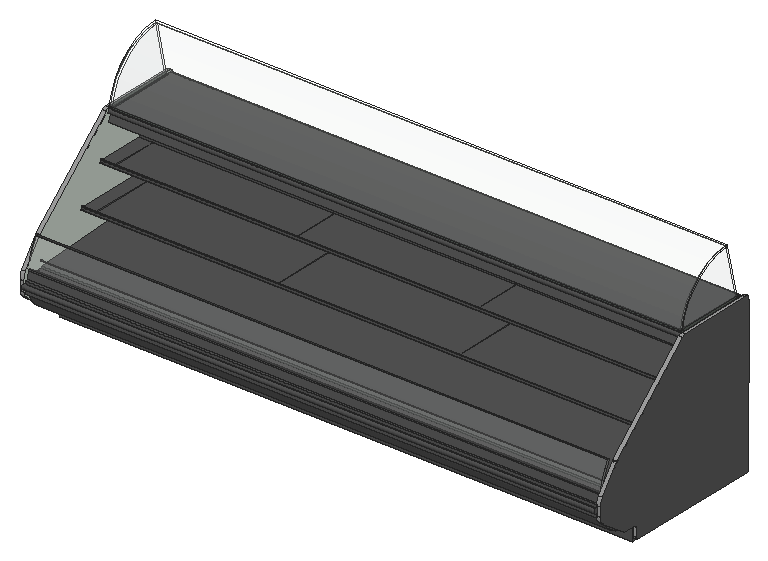
Revit family "E2SP_2014", category Specialty Equipment, Revit 2014
Parameters (values of type "12'-0" Length")
  Width = 144 3/8"
  Waste Drain Location = if(Width = 48 1/8", 24", if(Width = 72 1/8", 48 1/16", if(Width = 96 1/4", 71 7/8", if(Width = 144 3/8", 72 1/4", 0"))))  # 72 1/4"
  Waste Drain = 1 1/2"  # constant formula
  URL = "www.hussmann.com"
  Type Comments = "Elite"  # constant formula
  Trim = Stainless Steel
  Total Weight = Case Weight + (2 * End Weight)  # 1220.00 lbf
  Splashguard = Textured Sheet Metal (Steel Painted) - 701 Black
  Side Panel - Right [instance] = yes
  Side Panel - Left [instance] = yes
  Shelves = Sheet Metal (Steel Painted) - 701 Black
  Shelf Lights [instance] = yes
  Shelf [instance] = yes
  Revit Family Date = "05/26/2016"  # constant formula
  Refrigeration Lines Suction = 7/8"  # constant formula
  Refrigeration Lines Liquid = 3/8"  # constant formula
  Refrig. Suction = "Suction"
  Refrig. Liquid = "Liquid"
  Number of Supports = if(Width < 50", 2, if(Width < 100", 3, 4))  # 4
  Number of Shelves = 2  # constant formula
  Note from Manufacturer = "This model only comes in 4'-0\", 6'-0\", 8'-0\", and 12'-0\" lengths."
  Model URL = "http://www.hussmann.com/en/product%20viewer/display-cases/E2SP"
  Model = "E2SP"  # constant formula
  Manufacturer Disclaimer = "The information in this file is not intended to be an exact representation of the corresponding Hussmann product.  Further, we reserve the right to change or revise specifications and product design in connection with any feature of our products. Such changes do not entitle the buyer to corresponding changes, improvements, additions, or replacements for equipment previously sold or shipped."  # constant formula
  Manufacturer = "Hussmann Corporation"  # constant formula
  Height = 57 7/8"  # constant formula
  Glazing = Glass
  Ends = Textured Sheet Metal (Steel Painted) - 701 Black
  End Weight = 50.00 lbf  # constant formula
  Door Frame = Plastic - 701 Black
  Description = "Self-Service Multi-Deck Display With Prep Top"  # constant formula
  Depth = 47"  # constant formula
  Cutsheet URL = "http://www.hussmann.com/en/Technical%20Documents/0520246_B_E2SP.pdf"
  Case Weight = if(Width = 48 1/8", 380.00 lbf, if(Width = 72 1/8", 560.00 lbf, if(Width = 96 1/4", 750.00 lbf, if(Width = 144 3/8", 1120.00 lbf, 0.00 lbf))))  # 1120.00 lbf
  Case Interior - Side Panel = Mirror
  Case Interior - Back Panel = Sheet Metal (Steel Painted) - 701 Black
  Case = Textured Sheet Metal (Steel Painted) - 701 Black
  Bumper = Extruded PVC - 701 Black
  Assembly Code = ""
  Accessories/Options = ""
Types (4): name | Width | Waste Drain Location | Total Weight | Number of Supports | Case Weight
  12'-0" Length | 144 3/8" | 72 1/4" | 1220.00 lbf | 4 | 1120.00 lbf
  8'-0" Length | 96 1/4" | 71 7/8" | 850.00 lbf | 3 | 750.00 lbf
  6'-0" Length | 72 1/8" | 48 1/16" | 660.00 lbf | 3 | 560.00 lbf
  4'-0" Length | 48 1/8" | 24" | 480.00 lbf | 2 | 380.00 lbf
Reference planes (in)
  plane 1 "Back": y = 0
  plane 2 "Bottom": z = 0
  plane 3 "Left": x = -77.30699
  plane 4 "Center (Left/Right)": x = -5.11949
  plane 5: x = -78.30699
  plane 6 "Right": x = 67.06801
  plane 7: x = 68.06801
  plane 8 "Top": z = 57.875
  plane 9: y = -47
  plane 10: z = 22
  plane 11: z = 30
Forms (in)
  Extrusion 1, solid, material "Metal - Copper"
    sketch origin (63.0625, 1.04319, 0) x (1, 0, 0) y (0, 1, 0)
      loop
        arc (-68.11949, -27.91819) -> (-68.64982, -28.13786) -> (-68.86949, -28.66819) r 0.75
        arc (-68.86949, -28.66819) -> (-68.64982, -29.19852) -> (-68.11949, -29.41819) r 0.75
        arc (-68.11949, -29.41819) -> (-67.58916, -29.19852) -> (-67.36949, -28.66819) r 0.75
        arc (-67.36949, -28.66819) -> (-67.58916, -28.13786) -> (-68.11949, -27.91819) r 0.75
      loop
        circle (-68.11949, -28.66819) r 0.7102
    from 5.423 to 2.937
  Extrusion 2, solid, material "Metal - Copper"
    sketch origin (57.40105, 5, -0.375) x (1, 0, 0) y (0, 1, 0)
      loop
        circle (0.85446, -35.75) r 0.41359
      loop
        circle (0.85446, -35.75) r 0.4375
    from 5.798 to 3.312
  Extrusion 3, solid, material "Metal - Copper"
    sketch origin (59.82608, 5, -0.375) x (1, 0, 0) y (0, 1, 0)
      loop
        circle (-0.94557, -35.75) r 0.17188
      loop
        circle (-0.94557, -35.75) r 0.1875
    from 5.798 to 3.312
  Extrusion 4, solid, material "Sheet Metal (Steel Painted) - 701 Black" <- "Shelves"
    sketch origin (-5.11949, 0, 0) x (0, 1, 0) y (0, 0, 1)
      loop
        line (-40.48772, 14.30775) -> (-40.44502, 13.49177) -> (-9.58923, 15.10631) -> (-9.63193, 15.92229) -> (-40.48772, 14.30775)
    from 72.1875 to -72.1875
  Extrusion 5, solid, material "Glass" <- "Glazing"
    sketch origin (-5.11949, 0, 0) x (0, 1, 0) y (0, 0, 1)
      loop
        line (-40.82761, 13.19641) -> (-40.57761, 13.19641) -> (-40.57761, 15.57141)
        arc (-40.57761, 15.57141) -> (-40.70261, 15.69641) -> (-40.82761, 15.57141) r 0.125
        line (-40.82761, 15.57141) -> (-40.82761, 13.19641)
      loop
        line (-44.4716, 13.072) -> (-44.15521, 14.86632)
        arc (-44.15521, 14.86632) -> (-43.23305, 18.35864) -> (-41.74236, 21.64869) r 21.62056
        arc (-41.74236, 21.64869) -> (-41.8335, 21.97009) -> (-42.15489, 21.87894) r 0.23622
        arc (-42.15489, 21.87894) -> (-43.67816, 18.51699) -> (-44.62047, 14.94836) r 22.093
        line (-44.62047, 14.94836) -> (-44.93686, 13.15404) -> (-44.4716, 13.072)
    from 72.1875 to -72.1875
  Extrusion 6, solid, material "Extruded PVC - 701 Black" <- "Bumper"
    sketch origin (-5.11949, 0, 0) x (0, 1, 0) y (0, 0, 1)
      loop
        arc (-45.9466, 12.5539) -> (-46.5001, 12.0004) -> (-45.9466, 11.4469) r 0.5535
        line (-45.9466, 11.4469) -> (-45.6381, 11.4469) -> (-45.6381, 12.5539) -> (-45.9466, 12.5539)
    from 72.1875 to -72.1875
  Extrusion 7, solid, material "Textured Sheet Metal (Steel Painted) - 701 Black" <- "Case"
    sketch origin (-5.11949, 0, 0) x (0, 1, 0) y (0, 0, 1)
      loop
        line (-44.99291, 13.208) -> (-45.6381, 13.208) -> (-45.6381, 10.214) -> (-44.69933, 10.214)
        arc (-44.69933, 10.214) -> (-41.71484, 5.93149) -> (-36.76113, 4.28594) r 8.279
        line (-36.76113, 4.28594) -> (-36.48213, 4.28594) -> (-36.48213, 4.35114) -> (-36.00615, 4.35114) -> (-36.00615, 4.38614) -> (-36.3801, 4.38614) -> (-36.3801, 4.853) -> (-33.8771, 4.853) -> (-33.8771, 5.325) -> (-33.3771, 5.325) -> (-33.3771, 5.423) -> (-10.19583, 5.423) -> (-3.25, 9.43077) -> (-3.25, 29.392) -> (0, 29.392) -> (0, 39.401) -> (-18.72518, 39.401) -> (-19.40922, 37.52161) -> (-18.93937, 37.3506) -> (-18.91504, 37.41746) -> (-19.22348, 37.79836) -> (-17.84016, 38.91855) -> (-16.57806, 37.35998) -> (-16.49391, 37.42812) -> (-16.21827, 37.08773) -> (-16.18607, 37.11381) -> (-14.91905, 35.33004) -> (-14.99512, 35.26712) -> (-14.79581, 35.02616) -> (-9.5773, 35.02616) -> (-9.5773, 11.27) -> (-38.95061, 11.27) -> (-38.95061, 12.39941) -> (-38.75145, 12.39941) -> (-38.75145, 13.19641) -> (-40.82761, 13.19641) -> (-40.82761, 13.96241) -> (-42.13687, 13.96241) -> (-42.13687, 14.02541) -> (-44.1014, 15.15963)
        arc (-44.1014, 15.15963) -> (-44.12881, 15.01307) -> (-44.15521, 14.86632) r 21.62056
        line (-44.15521, 14.86632) -> (-44.4716, 13.072) -> (-44.93686, 13.15404) -> (-44.62047, 14.94836)
        arc (-44.62047, 14.94836) -> (-44.58429, 15.14822) -> (-44.54626, 15.34774) r 22.093
        line (-44.54626, 15.34774) -> (-44.60417, 15.35905)
        arc (-44.60417, 15.35905) -> (-44.64229, 15.159) -> (-44.67858, 14.95861) r 22.152
        line (-44.67858, 14.95861) -> (-44.98726, 13.208)
    from 72.1875 to -72.1875
  Extrusion 8, solid, material "Textured Sheet Metal (Steel Painted) - 701 Black" <- "Splashguard"
    sketch origin (-5.11949, 0, 0) x (0, 1, 0) y (0, 0, 1)
      loop
        line (-34.5001, 0.071) -> (-34.2961, 0.071) -> (-34.2961, 0.024) -> (-28.3751, 0.024) -> (-28.3751, 2.008) -> (-28.8941, 2.008) -> (-28.8941, 0.571) -> (-33.7491, 0.571) -> (-33.7491, 0.506) -> (-33.7901, 0.506) -> (-33.7901, 0.106) -> (-34.0651, 0.106) -> (-34.0651, 4.161) -> (-33.7901, 4.161) -> (-33.7901, 3.761) -> (-33.7551, 3.761) -> (-33.7551, 4.196) -> (-34.2251, 4.196) -> (-34.2251, 4.752)
        arc (-34.2251, 4.752) -> (-34.25468, 4.82342) -> (-34.3261, 4.854) r 0.101
        line (-34.3261, 4.854) -> (-34.8811, 4.854) -> (-34.8811, 4.782) -> (-34.3261, 4.782)
        arc (-34.3261, 4.782) -> (-34.30489, 4.77321) -> (-34.2961, 4.752) r 0.03
        line (-34.2961, 4.752) -> (-34.2961, 4.196) -> (-34.5001, 4.196) -> (-34.5001, 0.071)
    from 72.1875 to -72.1875
  Extrusion 9, solid, material "Stainless Steel"
    sketch origin (-5.11949, 0, 0) x (0, 1, 0) y (0, 0, 1)
      loop
        line (-7.5801, 2.166) -> (-7.5801, 2.102) -> (-6.7501, 2.102) -> (-6.7501, 0) -> (-4.3751, 0) -> (-4.3751, 2.102) -> (-3.4381, 2.102) -> (-3.4381, 2.166) -> (-4.4461, 2.166) -> (-4.4461, 0.071) -> (-6.6791, 0.071) -> (-6.6791, 2.166) -> (-7.5801, 2.166)
      loop
        line (-29.2221, 2.166) -> (-29.2221, 2.102) -> (-28.3751, 2.102) -> (-28.3751, 0) -> (-26.0001, 0) -> (-26.0001, 2.102) -> (-25.0801, 2.102) -> (-25.0801, 2.166) -> (-26.0711, 2.166) -> (-26.0711, 0.071) -> (-28.3041, 0.071) -> (-28.3041, 2.166) -> (-29.2221, 2.166)
    from 72.1875 to -72.1875
  Extrusion 10, solid, material "Textured Sheet Metal (Steel Painted) - 701 Black" <- "Ends", visible <- "Side Panel - Left"
    sketch origin (-77.30699, 0, 0) x (0, 1, 0) y (0, 0, 1)
      loop
        line (-33.91139, 0.751) -> (0.2987, 0.751)
        arc (0.2987, 0.751) -> (0.65226, 0.89745) -> (0.7987, 1.251) r 0.5
        line (0.7987, 1.251) -> (0.7987, 1.75092) -> (0.7987, 39.52908) -> (0.7987, 40.029)
        arc (0.7987, 40.029) -> (0.65226, 40.38255) -> (0.2987, 40.529) r 0.5
        line (0.2987, 40.529) -> (-18.7683, 40.529)
        arc (-18.7683, 40.529) -> (-19.35866, 40.41908) -> (-19.8699, 40.10406) r 1.64036
        line (-19.8699, 40.10406) -> (-40.74717, 21.18188)
        arc (-40.74717, 21.18188) -> (-40.78473, 21.144) -> (-40.81804, 21.10232) r 0.5
        line (-40.81804, 21.10232) -> (-45.12824, 15.07716)
        arc (-45.12824, 15.07716) -> (-45.59692, 14.14464) -> (-45.7583, 13.11351) r 3.375
        line (-45.7583, 13.11351) -> (-45.7583, 10.68066)
        arc (-45.7583, 10.68066) -> (-45.49502, 9.59381) -> (-44.76358, 8.74793) r 2.375
        line (-44.76358, 8.74793) -> (-38.38853, 4.19511)
        arc (-38.38853, 4.19511) -> (-38.25052, 4.12585) -> (-38.09795, 4.102) r 0.5
        line (-38.09795, 4.102) -> (-34.9113, 4.102)
        arc (-34.9113, 4.102) -> (-34.56114, 3.95892) -> (-34.41139, 3.61156) r 0.5
        line (-34.41139, 3.61156) -> (-34.41139, 1.251)
        arc (-34.41139, 1.251) -> (-34.26494, 0.89745) -> (-33.91139, 0.751) r 0.5
    from 0 to -1
  Extrusion 11, solid, material "Sheet Metal (Steel Painted) - 701 Black" <- "Shelves"
    sketch origin (-5.11949, 0, 0) x (0, 1, 0) y (0, 0, 1)
      loop
        arc (-19, 40.401) -> (-19.5, 39.901) -> (-19, 39.401) r 0.5
        line (-19, 39.401) -> (0, 39.401)
        arc (0, 39.401) -> (0.5, 39.901) -> (0, 40.401) r 0.5
        line (0, 40.401) -> (-19, 40.401)
    from 72.1875 to -72.1875
  Extrusion 12, solid, material "Plastic - 701 Black" <- "Door Frame"
    sketch origin (-5.11949, 0, 0) x (0, 1, 0) y (0, 0, 1)
      loop
        line (-18.969, 40.436) -> (-18.969, 40.936) -> (-19.004, 40.936) -> (-19.004, 40.451)
        arc (-19.004, 40.451) -> (-18.98936, 40.41564) -> (-18.954, 40.401) r 0.05
        line (-18.954, 40.401) -> (-18.484, 40.401)
        arc (-18.484, 40.401) -> (-18.44864, 40.41564) -> (-18.434, 40.451) r 0.05
        line (-18.434, 40.451) -> (-18.434, 40.556) -> (-18.469, 40.556) -> (-18.469, 40.436) -> (-18.969, 40.436)
    from 72.1875 to -72.1875
  Extrusion 13, solid, material "Glass" <- "Glazing"
    sketch origin (-5.11949, 0, 0) x (0, 1, 0) y (0, 0, 1)
      loop
        arc (-4.314, 53.86592) -> (-14.14888, 49.97183) -> (-18.96872, 40.556) r 15
        line (-18.96872, 40.556) -> (-18.4936, 40.556)
        arc (-18.4936, 40.556) -> (-13.81466, 49.63775) -> (-4.314, 53.39385) r 14.528
        line (-4.314, 53.39385) -> (-4.314, 53.86592)
    from 72.1875 to -72.1875
  Extrusion 14, solid, material "Plastic - 701 Black" <- "Door Frame"
    sketch origin (-58.30299, -20.87436, 0) x (1, 0, 0) y (0, 0, 1)
      loop
        line (-18.969, 40.436) -> (-18.969, 40.936) -> (-19.004, 40.936) -> (-19.004, 40.451)
        arc (-19.004, 40.451) -> (-18.98936, 40.41564) -> (-18.954, 40.401) r 0.05
        line (-18.954, 40.401) -> (-18.484, 40.401)
        arc (-18.484, 40.401) -> (-18.44864, 40.41564) -> (-18.434, 40.451) r 0.05
        line (-18.434, 40.451) -> (-18.434, 40.556) -> (-18.469, 40.556) -> (-18.469, 40.436) -> (-18.969, 40.436)
    from -2.47836 to -19.57436
  Extrusion 15, solid, material "Plastic - 701 Black" <- "Door Frame"
    sketch origin (-48.18599, -20.87436, 0) x (-1, 0, 0) y (0, 0, -1)
      loop
        line (-115.219, -40.436) -> (-114.719, -40.436) -> (-114.719, -40.556) -> (-114.684, -40.556) -> (-114.684, -40.451)
        arc (-114.684, -40.451) -> (-114.69864, -40.41564) -> (-114.734, -40.401) r 0.05
        line (-114.734, -40.401) -> (-115.204, -40.401)
        arc (-115.204, -40.401) -> (-115.23936, -40.41564) -> (-115.254, -40.451) r 0.05
        line (-115.254, -40.451) -> (-115.254, -40.936) -> (-115.219, -40.936) -> (-115.219, -40.436)
    from -2.47836 to -19.57436
  Extrusion 16, solid, material "Glass" <- "Glazing"
    sketch origin (-77.30699, 0, 0) x (0, 1, 0) y (0, 0, 1)
      loop
        arc (-4.32047, 53.39374) -> (-13.81705, 49.63558) -> (-18.4936, 40.556) r 14.528
        line (-18.4936, 40.556) -> (-1.34372, 40.556) -> (-4.32047, 53.39374)
    from 0.535 to 0.035
  Extrusion 17, solid, material "Glass" <- "Glazing"
    sketch origin (-29.18199, 0, 0) x (0, 1, 0) y (0, 0, -1)
      loop
        line (-4.32047, -53.39374) -> (-1.34372, -40.556) -> (-18.4936, -40.556)
        arc (-18.4936, -40.556) -> (-13.81705, -49.63558) -> (-4.32047, -53.39374) r 14.528
    from -95.715 to -96.215
  Extrusion 18, solid, material "Textured Sheet Metal (Steel Painted) - 701 Black" <- "Ends", visible <- "Side Panel - Left"
    sketch origin (67.06801, 0, 0) x (0, 0, 1) y (0, -1, 0)
      loop
        line (0.751, 33.91139) -> (0.751, -0.2987)
        arc (0.751, -0.2987) -> (0.89745, -0.65226) -> (1.251, -0.7987) r 0.5
        line (1.251, -0.7987) -> (1.75092, -0.7987) -> (39.52908, -0.7987) -> (40.029, -0.7987)
        arc (40.029, -0.7987) -> (40.38255, -0.65226) -> (40.529, -0.2987) r 0.5
        line (40.529, -0.2987) -> (40.529, 18.7683)
        arc (40.529, 18.7683) -> (40.41908, 19.35866) -> (40.10406, 19.8699) r 1.64036
        line (40.10406, 19.8699) -> (21.18188, 40.74717)
        arc (21.18188, 40.74717) -> (21.144, 40.78473) -> (21.10232, 40.81804) r 0.5
        line (21.10232, 40.81804) -> (15.07716, 45.12824)
        arc (15.07716, 45.12824) -> (14.14464, 45.59692) -> (13.11351, 45.7583) r 3.375
        line (13.11351, 45.7583) -> (10.68066, 45.7583)
        arc (10.68066, 45.7583) -> (9.59381, 45.49502) -> (8.74793, 44.76358) r 2.375
        line (8.74793, 44.76358) -> (4.19511, 38.38853)
        arc (4.19511, 38.38853) -> (4.12585, 38.25052) -> (4.102, 38.09795) r 0.5
        line (4.102, 38.09795) -> (4.102, 34.9113)
        arc (4.102, 34.9113) -> (3.95892, 34.56114) -> (3.61156, 34.41139) r 0.5
        line (3.61156, 34.41139) -> (1.251, 34.41139)
        arc (1.251, 34.41139) -> (0.89745, 34.26494) -> (0.751, 33.91139) r 0.5
    from 1 to 0
  Extrusion 19, solid, material "Sheet Metal (Steel Painted) - 701 Black" <- "Shelves", visible <- "Shelf"
    sketch origin (-77.30699, 0, 0) x (0, 1, 0) y (0, 0, 1)
      loop
        line (-21.83741, 29.38588) -> (-21.63861, 29.58468) -> (-21.67113, 29.58468) -> (-21.85367, 29.40214)
        arc (-21.85367, 29.40214) -> (-21.87002, 29.39889) -> (-21.87928, 29.41275) r 0.015
        line (-21.87928, 29.41275) -> (-21.87928, 30.058)
        arc (-21.87928, 30.058) -> (-21.81666, 30.13197) -> (-21.73337, 30.08242) r 0.075
        line (-21.73337, 30.08242) -> (-21.70589, 30.00263)
        arc (-21.70589, 30.00263) -> (-21.69203, 29.98406) -> (-21.66997, 29.977) r 0.038
        line (-21.66997, 29.977) -> (-9.83349, 29.977) -> (-9.85649, 30) -> (-21.68067, 30) -> (-21.71162, 30.0899)
        arc (-21.71162, 30.0899) -> (-21.82046, 30.15465) -> (-21.90228, 30.058) r 0.098
        line (-21.90228, 30.058) -> (-21.90228, 29.41275)
        arc (-21.90228, 29.41275) -> (-21.87882, 29.37764) -> (-21.83741, 29.38588) r 0.038
      loop
        line (-27.83741, 21.38588) -> (-27.63861, 21.58468) -> (-27.67113, 21.58468) -> (-27.85367, 21.40214)
        arc (-27.85367, 21.40214) -> (-27.87002, 21.39889) -> (-27.87928, 21.41275) r 0.015
        line (-27.87928, 21.41275) -> (-27.87928, 22.058)
        arc (-27.87928, 22.058) -> (-27.81666, 22.13197) -> (-27.73337, 22.08242) r 0.075
        line (-27.73337, 22.08242) -> (-27.70589, 22.00263)
        arc (-27.70589, 22.00263) -> (-27.69203, 21.98406) -> (-27.66997, 21.977) r 0.038
        line (-27.66997, 21.977) -> (-9.83349, 21.977) -> (-9.85649, 22) -> (-27.68067, 22) -> (-27.71162, 22.0899)
        arc (-27.71162, 22.0899) -> (-27.82046, 22.15465) -> (-27.90228, 22.058) r 0.098
        line (-27.90228, 22.058) -> (-27.90228, 21.41275)
        arc (-27.90228, 21.41275) -> (-27.87882, 21.37764) -> (-27.83741, 21.38588) r 0.038
    from 0 to 144.375
Lines and regions (in)
  reference lines
    curve 1: line (-73.80699, -46.5, 0) -> (-73.80699, 0, 0)
    curve 2: line (-5.05699, -46.5, 0) -> (-5.05699, 0, 0)
    curve 3: line (63.56801, -46.5, 0) -> (63.56801, 0, 0)
    curve 4: line (58.69301, -46.5, 0) -> (58.69301, 0, 0)
    curve 5: line (-77.30699, -27.625, 0) -> (67.06801, -27.625, 0)
    curve 6: line (67.06801, -30.75, 0) -> (-77.30699, -30.75, 0)
Dimensions and locks (in)
  equal spacing: plane 3 "Left", plane 4 "Center (Left/Right)", plane 6 "Right"
  locked: plane 5 to plane 3 "Left" at 1
  "Width": plane 3 "Left" to plane 6 "Right"
  locked: plane 3 "Left" to curve 1 at 3.5
  locked: curve 3 to plane 6 "Right" at 3.5
  "Waste Drain Location": plane 3 "Left" to curve 2
  "Depth": plane 9 to plane 1 "Back"
  locked: curve 4 to plane 6 "Right" at 8.375
  "Height": plane 8 "Top" to level
  locked: plane 1 "Back" to curve 5 at 27.625
  locked: plane 1 "Back" to curve 6 at 30.75
  locked: plane 6 "Right" to plane 7 at 1
  locked: Extrusion 1 sketch curve to Extrusion 1 sketch curve at 0.0398
  locked: Extrusion 3 sketch curve to Extrusion 3 sketch curve at 0.01562
  locked: Extrusion 2 sketch curve to Extrusion 2 sketch curve at 0.02391
  plane 3 "Left" to Extrusion 16 to Extrusion 16 = 0.035" locked, 1/2" locked
  locked: Extrusion 17 to Extrusion 17 at 0.5
  Extrusion 17 to Extrusion 17 to plane 6 "Right" = 1/2" locked, 0.035" locked
  locked: Extrusion 15 to plane 6 "Right" at 0.57
  locked: plane 3 "Left" to Extrusion 14 at 0.57
  equal spacing: group 1, group 3, group 4, group 2  (x3)
  locked: plane 10 to level at 22
  locked: level to plane 11 at 30
  "Waste Drain": diameter of Extrusion 1 sketch curve
  "Refrigeration Lines Liquid": diameter of Extrusion 3 sketch curve
  "Refrigeration Lines Suction": diameter of Extrusion 2 sketch curve
  aligned and locked: plane 3 "Left" to curve 5
  aligned and locked: plane 3 "Left" to curve 6
  aligned and locked: plane 6 "Right" to curve 6
  aligned and locked: plane 6 "Right" to curve 5
  aligned and locked: curve 6 to Extrusion 3 sketch curve  (x4)
  aligned and locked: curve 6 to Extrusion 2 sketch curve  (x4)
  aligned and locked: curve 5 to Extrusion 1 sketch curve  (x3)
  aligned and locked: curve 2 to Extrusion 1 sketch curve
  aligned and locked: curve 4 to Extrusion 3 sketch curve
  aligned and locked: curve 4 to Extrusion 2 sketch curve
  aligned and locked: Extrusion 4 to plane 3 "Left"
  aligned and locked: plane 6 "Right" to Extrusion 4
  aligned and locked: Extrusion 5 to plane 3 "Left"
  aligned and locked: plane 6 "Right" to Extrusion 5
  aligned and locked: Extrusion 6 to plane 3 "Left"
  aligned and locked: plane 6 "Right" to Extrusion 6
  aligned and locked: Extrusion 7 to plane 3 "Left"
  aligned and locked: plane 6 "Right" to Extrusion 7
  aligned and locked: Extrusion 8 to plane 3 "Left"
  aligned and locked: plane 6 "Right" to Extrusion 8
  aligned and locked: Extrusion 9 to plane 3 "Left"
  aligned and locked: plane 6 "Right" to Extrusion 9
  aligned and locked: plane 3 "Left" to nested 1
  aligned and locked: plane 3 "Left" to nested 2
  aligned and locked: plane 5 to Extrusion 10
  aligned and locked: plane 3 "Left" to Extrusion 10
  aligned and locked: plane 6 "Right" to Extrusion 11
  aligned and locked: Extrusion 11 to plane 3 "Left"
  aligned and locked: Extrusion 12 to plane 3 "Left"
  aligned and locked: plane 6 "Right" to Extrusion 12
  aligned and locked: Extrusion 13 to plane 3 "Left"
  aligned and locked: plane 6 "Right" to Extrusion 13
  aligned and locked: plane 6 "Right" to Extrusion 15
  aligned and locked: Extrusion 14 to plane 3 "Left"
  aligned and locked: plane 7 to Extrusion 18
  aligned and locked: Extrusion 18 to plane 6 "Right"
  aligned and locked: Extrusion 19 to plane 3 "Left"
  aligned and locked: plane 6 "Right" to Extrusion 19
  aligned and locked: curve 1 to nested 7
  aligned and locked: curve 1 to nested 4
  aligned and locked: curve 1 to nested 3
  aligned and locked: curve 3 to nested 8
  aligned and locked: plane 3 "Left" to nested 9
  aligned and locked: plane 3 "Left" to nested 10
Automatic sketch dimensions
  Extrusion 4 sketch curve to Extrusion 4 sketch curve = 0.0427"
  plane 1 "Back" to Extrusion 4 sketch curve = 9.63193"
  level to Extrusion 4 sketch curve = 13.49177"
  Extrusion 4 sketch curve to Extrusion 4 sketch curve = 0.81598"
  Extrusion 5 sketch curve to Extrusion 5 sketch curve = 0"  (x4)
  Extrusion 5 sketch curve to Extrusion 5 sketch curve = 81/256"
  Extrusion 5 sketch curve to Extrusion 5 sketch curve = 0.46526"  (x2)
  Extrusion 5 sketch curve to Extrusion 5 sketch curve = 3.64399"
  Extrusion 5 sketch curve to Extrusion 5 sketch curve = 1/8"
  level to Extrusion 5 sketch curve = 11.11195"
  Extrusion 5 sketch curve to Extrusion 5 sketch curve = 17.71449"
  level to Extrusion 5 sketch curve = 13.072"
  Extrusion 5 sketch curve to Extrusion 5 sketch curve = 21/256"
  Extrusion 5 sketch curve to Extrusion 5 sketch curve = 0.12441"
  Extrusion 5 sketch curve to Extrusion 5 sketch curve = 2 3/8"
  Extrusion 5 sketch curve to Extrusion 5 sketch curve = 6.19241"
  Extrusion 6 sketch curve to Extrusion 6 sketch curve = 0.3085"
  level to Extrusion 6 sketch curve = 11.4469"
  Extrusion 6 sketch curve to Extrusion 6 sketch curve = 0.5535"
  Extrusion 8 sketch curve to Extrusion 8 sketch curve = 0"  (x5)
  level to Extrusion 8 sketch curve = 4.782"
  level to Extrusion 8 sketch curve = 0.071"
  Extrusion 8 sketch curve to Extrusion 8 sketch curve = 0.381"
  Extrusion 8 sketch curve to Extrusion 8 sketch curve = 0.555"
  Extrusion 8 sketch curve to Extrusion 8 sketch curve = 0.204"  (x2)
  level to Extrusion 8 sketch curve = 0.024"
  Extrusion 8 sketch curve to Extrusion 8 sketch curve = 0.071"
  Extrusion 8 sketch curve to Extrusion 8 sketch curve = 0.16"
  Extrusion 8 sketch curve to Extrusion 8 sketch curve = 0.275"  (x2)
  Extrusion 8 sketch curve to Extrusion 8 sketch curve = 0.035"  (x2)
  Extrusion 8 sketch curve to Extrusion 8 sketch curve = 0.041"
  level to Extrusion 8 sketch curve = 2.008"
  Extrusion 8 sketch curve to Extrusion 8 sketch curve = 4.855"
  Extrusion 8 sketch curve to Extrusion 8 sketch curve = 0.519"
  level to Extrusion 8 sketch curve = 0.106"
  Extrusion 8 sketch curve to Extrusion 8 sketch curve = 0.4"  (x2)
  Extrusion 8 sketch curve to Extrusion 8 sketch curve = 0.065"
  Extrusion 8 sketch curve to Extrusion 8 sketch curve = 0.991"
  Extrusion 8 sketch curve to Extrusion 8 sketch curve = 0.001"
  Extrusion 9 sketch curve to level = 0"  (x2)
  level to Extrusion 9 sketch curve = 2.166"  (x2)
  Extrusion 9 sketch curve to Extrusion 9 sketch curve = 0.847"
  Extrusion 9 sketch curve to Extrusion 9 sketch curve = 0.071"  (x4)
  Extrusion 9 sketch curve to Extrusion 9 sketch curve = 2.233"  (x2)
  Extrusion 9 sketch curve to Extrusion 9 sketch curve = 0.92"
  plane 1 "Back" to Extrusion 9 sketch curve = 7.5801"
  Extrusion 9 sketch curve to Extrusion 9 sketch curve = 0.83"
  Extrusion 9 sketch curve to Extrusion 9 sketch curve = 0.937"
  level to Extrusion 9 sketch curve = 0.071"  (x2)
  Extrusion 9 sketch curve to Extrusion 9 sketch curve = 2.031"
  Extrusion 9 sketch curve to Extrusion 9 sketch curve = 0.064"  (x4)
  level to Extrusion 9 sketch curve = 2.102"
  Extrusion 11 sketch curve to plane 1 "Back" = 0"
  plane 1 "Back" to Extrusion 11 sketch curve = 19"
  Extrusion 11 sketch curve to Extrusion 11 sketch curve = 1/2"
  plane 1 "Back" to Extrusion 12 sketch curve = 19.004"
  Extrusion 12 sketch curve to Extrusion 12 sketch curve = 0.035"  (x2)
  Extrusion 12 sketch curve to Extrusion 12 sketch curve = 0.015"  (x3)
  Extrusion 12 sketch curve to Extrusion 12 sketch curve = 0.47"
  Extrusion 12 sketch curve to Extrusion 12 sketch curve = 0.105"
  Extrusion 12 sketch curve to Extrusion 12 sketch curve = 0.485"
  Extrusion 13 sketch curve to Extrusion 13 sketch curve = 0"  (x3)
  plane 1 "Back" to Extrusion 13 sketch curve = 18.96872"
  Extrusion 13 sketch curve to Extrusion 13 sketch curve = 0.47512"
  plane 1 "Back" to Extrusion 13 sketch curve = 4.314"
  plane 1 "Back" to Extrusion 13 sketch curve = 4.064"
  Extrusion 14 sketch curve to plane 3 "Left" = 0"
  Extrusion 14 sketch curve to Extrusion 14 sketch curve = 0.035"  (x2)
  Extrusion 14 sketch curve to Extrusion 14 sketch curve = 0.015"  (x3)
  Extrusion 14 sketch curve to Extrusion 14 sketch curve = 0.47"
  Extrusion 14 sketch curve to Extrusion 14 sketch curve = 0.105"
  Extrusion 14 sketch curve to Extrusion 14 sketch curve = 0.485"
  Extrusion 15 sketch curve to plane 6 "Right" = 0"
  Extrusion 15 sketch curve to Extrusion 15 sketch curve = 0.035"  (x2)
  Extrusion 15 sketch curve to Extrusion 15 sketch curve = 0.015"  (x3)
  Extrusion 15 sketch curve to Extrusion 15 sketch curve = 0.47"
  Extrusion 15 sketch curve to Extrusion 15 sketch curve = 0.38"
  Extrusion 15 sketch curve to Extrusion 15 sketch curve = 0.485"
  plane 1 "Back" to Extrusion 16 sketch curve = 18.4936"
  plane 1 "Back" to Extrusion 16 sketch curve = 4.32047"
  plane 1 "Back" to Extrusion 16 sketch curve = 4.064"
  plane 1 "Back" to Extrusion 16 sketch curve = 1.34372"
  plane 1 "Back" to Extrusion 17 sketch curve = 18.4936"
  plane 1 "Back" to Extrusion 17 sketch curve = 4.32047"
  plane 1 "Back" to Extrusion 17 sketch curve = 4.064"
  plane 1 "Back" to Extrusion 17 sketch curve = 1.34372"
  Extrusion 10 sketch curve to Extrusion 10 sketch curve = 0.07088"
  Extrusion 10 sketch curve to Extrusion 10 sketch curve = 0.40666"
  level to Extrusion 10 sketch curve = 0.751"
  Extrusion 10 sketch curve to plane 1 "Back" = 0.2987"  (x2)
  Extrusion 10 sketch curve to Extrusion 10 sketch curve = 2.43286"
  Extrusion 10 sketch curve to Extrusion 10 sketch curve = 0.29091"
  Extrusion 10 sketch curve to Extrusion 10 sketch curve = 0.49992"  (x2)
  Extrusion 10 sketch curve to Extrusion 10 sketch curve = 2.36056"
  Extrusion 10 sketch curve to Extrusion 10 sketch curve = 0.49991"
  Extrusion 10 sketch curve to Extrusion 10 sketch curve = 0.00956"
  Extrusion 10 sketch curve to Extrusion 10 sketch curve = 3.18665"
  Extrusion 10 sketch curve to Extrusion 10 sketch curve = 1/2"  (x2)
  Extrusion 10 sketch curve to Extrusion 10 sketch curve = 0.29059"
  Extrusion 10 sketch curve to Extrusion 10 sketch curve = 2 3/8"
  Extrusion 10 sketch curve to Extrusion 10 sketch curve = 4.55282"
  level to Extrusion 10 sketch curve = 4.19511"
  Extrusion 10 sketch curve to Extrusion 10 sketch curve = 1.96364"
  Extrusion 10 sketch curve to Extrusion 10 sketch curve = 5.73425"
  plane 1 "Back" to Extrusion 10 sketch curve = 19.8699"
  Extrusion 10 sketch curve to Extrusion 10 sketch curve = 1.1016"
  Extrusion 10 sketch curve to Extrusion 10 sketch curve = 1.21543"
  level to Extrusion 18 sketch curve = 0.751"
  Extrusion 18 sketch curve to Extrusion 18 sketch curve = 1/2"  (x3)
  Extrusion 18 sketch curve to Extrusion 18 sketch curve = 0.49992"  (x2)
  Extrusion 18 sketch curve to Extrusion 18 sketch curve = 2.351"
  Extrusion 18 sketch curve to Extrusion 18 sketch curve = 0.00956"
  Extrusion 18 sketch curve to Extrusion 18 sketch curve = 0.09311"
  Extrusion 18 sketch curve to Extrusion 18 sketch curve = 0.40689"
  Extrusion 18 sketch curve to Extrusion 18 sketch curve = 4.55282"
  Extrusion 18 sketch curve to Extrusion 18 sketch curve = 1.93273"
  Extrusion 18 sketch curve to Extrusion 18 sketch curve = 2.43286"
  Extrusion 18 sketch curve to Extrusion 18 sketch curve = 1.96364"
  Extrusion 18 sketch curve to Extrusion 18 sketch curve = 5.73425"
  Extrusion 18 sketch curve to Extrusion 18 sketch curve = 0.29091"
  Extrusion 18 sketch curve to Extrusion 18 sketch curve = 0.07956"
  Extrusion 18 sketch curve to plane 1 "Back" = 0.7987"
  Extrusion 18 sketch curve to Extrusion 18 sketch curve = 1.21543"
  Extrusion 18 sketch curve to plane 1 "Back" = 0.2987"
  plane 1 "Back" to Extrusion 18 sketch curve = 18.7683"
  Extrusion 18 sketch curve to Extrusion 18 sketch curve = 3.18665"
  Extrusion 18 sketch curve to Extrusion 18 sketch curve = 2.74495"
  plane 8 "Top" to Extrusion 10 sketch curve = 18.98636"
  plane 8 "Top" to Extrusion 11 sketch curve = 18.474"
  plane 8 "Top" to Extrusion 12 sketch curve = 17.474"
  plane 8 "Top" to Extrusion 13 sketch curve = 19.007"
  Extrusion 13 sketch curve to Extrusion 13 sketch curve = 1.688"
  plane 8 "Top" to Extrusion 14 sketch curve = 17.474"
  plane 8 "Top" to Extrusion 15 sketch curve = 16.939"
  plane 8 "Top" to Extrusion 16 sketch curve = 19.007"
  Extrusion 16 sketch curve to Extrusion 16 sketch curve = 1.688"
  plane 8 "Top" to Extrusion 17 sketch curve = 4.48126"
  plane 8 "Top" to Extrusion 17 sketch curve = 17.319"
  plane 8 "Top" to Extrusion 18 sketch curve = 18.98636"
  plane 8 "Top" to Extrusion 18 sketch curve = 18.34592"
  plane 9 to Extrusion 4 sketch curve = 6.55498"
  plane 9 to Extrusion 5 sketch curve = 2.06314"
  plane 9 to Extrusion 5 sketch curve = 5.05138"
  plane 9 to Extrusion 6 sketch curve = 1.0534"
  plane 9 to Extrusion 8 sketch curve = 12.1189"
  Extrusion 9 sketch curve to Extrusion 9 sketch curve = 17 1/2"
  plane 9 to Extrusion 10 sketch curve = 13.08861"
  plane 9 to Extrusion 10 sketch curve = 6.58862"
  plane 9 to Extrusion 10 sketch curve = 4.6167"
  Extrusion 10 sketch curve to Extrusion 10 sketch curve = 1"
  Extrusion 10 sketch curve to Extrusion 10 sketch curve = 0.99472"
  plane 9 to Extrusion 18 sketch curve = 13.08861"
  plane 9 to Extrusion 18 sketch curve = 6.58862"
  Extrusion 18 sketch curve to Extrusion 18 sketch curve = 0.33578"
  plane 9 to Extrusion 18 sketch curve = 4.6167"
  Extrusion 18 sketch curve to Extrusion 18 sketch curve = 2 3/8"
  Extrusion 19 sketch curve to Extrusion 19 sketch curve = 0"  (x8)
  plane 9 to Extrusion 19 sketch curve = 19.09772"
  Extrusion 19 sketch curve to Extrusion 19 sketch curve = 0.023"  (x6)
  Extrusion 19 sketch curve to Extrusion 19 sketch curve = 0.015"  (x2)
  Extrusion 19 sketch curve to Extrusion 19 sketch curve = 0.01061"  (x2)
  Extrusion 19 sketch curve to Extrusion 19 sketch curve = 0.01626"  (x2)
  Extrusion 19 sketch curve to Extrusion 19 sketch curve = 0.075"  (x2)
  Extrusion 19 sketch curve to Extrusion 19 sketch curve = 0.07091"  (x2)
  Extrusion 19 sketch curve to Extrusion 19 sketch curve = 0.02175"  (x2)
  Extrusion 19 sketch curve to Extrusion 19 sketch curve = 0.02747"  (x2)
  Extrusion 19 sketch curve to Extrusion 19 sketch curve = 0.02523"  (x2)
  Extrusion 19 sketch curve to Extrusion 19 sketch curve = 0.18254"  (x4)
  Extrusion 19 sketch curve to Extrusion 19 sketch curve = 0.0107"  (x2)
  Extrusion 19 sketch curve to Extrusion 19 sketch curve = 0.03253"  (x2)
  Extrusion 19 sketch curve to Extrusion 19 sketch curve = 5.80934"
  plane 1 "Back" to Extrusion 19 sketch curve = 9.85649"  (x2)
  level to Extrusion 19 sketch curve = 21.38588"
  Extrusion 19 sketch curve to Extrusion 19 sketch curve = 0.39232"  (x2)
  Extrusion 19 sketch curve to Extrusion 19 sketch curve = 0.00263"  (x2)
  Extrusion 19 sketch curve to Extrusion 19 sketch curve = 0.05537"  (x2)
  Extrusion 19 sketch curve to Extrusion 19 sketch curve = 7.29598"
  Extrusion 7 sketch curve to Extrusion 7 sketch curve = 0"  (x5)
  Extrusion 7 sketch curve to plane 1 "Back" = 0"
  Extrusion 7 sketch curve to Extrusion 7 sketch curve = 6.3273"
  Extrusion 7 sketch curve to Extrusion 7 sketch curve = 0.61854"
  Extrusion 7 sketch curve to Extrusion 7 sketch curve = 5.21851"
  Extrusion 7 sketch curve to plane 11 = 5.33004"
  Extrusion 7 sketch curve to Extrusion 7 sketch curve = 0.12324"
  Extrusion 7 sketch curve to plane 11 = 5.26712"
  Extrusion 7 sketch curve to Extrusion 7 sketch curve = 0.07607"
  Extrusion 7 sketch curve to plane 11 = 7.11381"
  Extrusion 7 sketch curve to Extrusion 7 sketch curve = 1.26701"
  Extrusion 7 sketch curve to plane 11 = 7.08773"
  Extrusion 7 sketch curve to Extrusion 7 sketch curve = 0.03221"
  Extrusion 7 sketch curve to plane 11 = 7.42812"
  Extrusion 7 sketch curve to plane 11 = 7.35998"
  Extrusion 7 sketch curve to plane 11 = 8.91855"
  Extrusion 7 sketch curve to Extrusion 7 sketch curve = 0.88501"
  Extrusion 7 sketch curve to plane 11 = 7.41746"
  Extrusion 7 sketch curve to Extrusion 7 sketch curve = 1.07487"
  Extrusion 7 sketch curve to plane 11 = 7.3506"
  Extrusion 7 sketch curve to Extrusion 7 sketch curve = 0.02433"
  level to Extrusion 7 sketch curve = 37.52161"
  Extrusion 7 sketch curve to Extrusion 7 sketch curve = 13.28582"
  level to Extrusion 7 sketch curve = 5.423"
  Extrusion 7 sketch curve to Extrusion 7 sketch curve = 10.51398"
  Extrusion 7 sketch curve to Extrusion 7 sketch curve = 1/2"
  Extrusion 7 sketch curve to Extrusion 7 sketch curve = 2.12906"
  Extrusion 7 sketch curve to Extrusion 7 sketch curve = 0.37395"
  Extrusion 7 sketch curve to Extrusion 7 sketch curve = 0.10203"
  Extrusion 7 sketch curve to Extrusion 7 sketch curve = 0.279"
  Extrusion 7 sketch curve to Extrusion 7 sketch curve = 1.99032"
  Extrusion 7 sketch curve to Extrusion 7 sketch curve = 0.19916"
  Extrusion 7 sketch curve to Extrusion 7 sketch curve = 1.877"
  Extrusion 7 sketch curve to Extrusion 7 sketch curve = 1.30926"
  Extrusion 7 sketch curve to Extrusion 7 sketch curve = 1.96453"
  Extrusion 7 sketch curve to Extrusion 7 sketch curve = 0.05381"
  Extrusion 7 sketch curve to Extrusion 7 sketch curve = 81/256"
  Extrusion 7 sketch curve to Extrusion 7 sketch curve = 0.44486"
  Extrusion 7 sketch curve to Extrusion 7 sketch curve = 0.05791"
  Extrusion 7 sketch curve to Extrusion 7 sketch curve = 19/256"
  Extrusion 7 sketch curve to Extrusion 7 sketch curve = 0.0581"
  plane 9 to Extrusion 7 sketch curve = 2.30067"
  Extrusion 7 sketch curve to Extrusion 7 sketch curve = 0.46526"
  Extrusion 7 sketch curve to Extrusion 7 sketch curve = 0.93878"
  Extrusion 7 sketch curve to Extrusion 7 sketch curve = 0.098"
  Extrusion 7 sketch curve to Extrusion 7 sketch curve = 0.472"
  Extrusion 7 sketch curve to Extrusion 7 sketch curve = 0.46685"
  Extrusion 7 sketch curve to Extrusion 7 sketch curve = 0.035"
  Extrusion 7 sketch curve to Extrusion 7 sketch curve = 0.0652"
  Extrusion 7 sketch curve to Extrusion 7 sketch curve = 4.00777"
  level to Extrusion 7 sketch curve = 10.214"
  plane 10 to Extrusion 7 sketch curve = 10.88805"
  Extrusion 7 sketch curve to Extrusion 7 sketch curve = 5.847"
  Extrusion 7 sketch curve to Extrusion 7 sketch curve = 1.12941"
  Extrusion 7 sketch curve to Extrusion 7 sketch curve = 2.858"
  Extrusion 7 sketch curve to Extrusion 7 sketch curve = 21/256"
  Extrusion 7 sketch curve to Extrusion 7 sketch curve = 0.797"
  Extrusion 7 sketch curve to Extrusion 7 sketch curve = 0.05396"
  Extrusion 7 sketch curve to Extrusion 7 sketch curve = 0.766"
  Extrusion 7 sketch curve to Extrusion 7 sketch curve = 0.063"
  Extrusion 7 sketch curve to Extrusion 7 sketch curve = 0.01025"
  Extrusion 7 sketch curve to Extrusion 7 sketch curve = 0.0504"
  Extrusion 7 sketch curve to Extrusion 7 sketch curve = 0.00565"
  plane 11 to Extrusion 7 sketch curve = 0.608"
  Extrusion 7 sketch curve to Extrusion 7 sketch curve = 0.70124"
  Extrusion 1 sketch curve to Extrusion 1 sketch curve = 0"  (x2)
  Extrusion 2 sketch curve to Extrusion 2 sketch curve = 0"
  Extrusion 3 sketch curve to Extrusion 3 sketch curve = 0"
  plane 1 "Back" to curve 4 = 0"
  plane 1 "Back" to curve 1 = 0"
  plane 1 "Back" to curve 3 = 0"
  plane 1 "Back" to curve 2 = 0"
  plane 9 to curve 3 = 1/2"
  plane 9 to curve 2 = 1/2"
  plane 9 to curve 4 = 1/2"
  plane 9 to curve 1 = 1/2"
Nested families (in)
  nested 1: "Light" at (-5.30699, -8.76699, -14.849), type "Light"
    with Length 144 3/8"
  nested 2: "Light" at (-5.30699, -10.01699, -14.849), type "Light"
    with Length 144 3/8"
  nested 3: "Shelf - E Series" at (-73.93199, -9.60228, 17.08109), visible <- "Shelf", type "18""
    with Depth 18"
  nested 4: "Shelf - E Series" at (-73.93199, -9.60228, 25.08109), visible <- "Shelf", type "12""
  nested 5: "Shelf - E Series" at (63.44301, -9.60228, 17.08109), visible <- "Shelf", type "18""
    with Depth 18"
  nested 6: "Shelf - E Series" at (63.44301, -9.60228, 25.08109), visible <- "Shelf", type "12""
  nested 7: "Cross Member - E Series" at (-72.3125, 0.34772, 0), type "Cross Member - E Series"
  nested 8: "Cross Member - E Series" at (65.0625, 0.34772, 0), type "Cross Member - E Series"
  nested 9: "Light" at (-5.30699, -11.97829, -23.0215), visible <- "Shelf Lights", type "Light"
    with Length 144 3/8"
  nested 10: "Light" at (-5.30699, -17.97829, -31.0215), visible <- "Shelf Lights", type "Light"
    with Length 144 3/8"
  nested 11: "Shelf - E Series" at (-28.14032, -9.60228, 17.08109), visible <- "Shelf", type "18""
    with Depth 18"
  nested 12: "Shelf - E Series" at (-28.14032, -9.60228, 25.08109), visible <- "Shelf", type "12""
  nested 13: "Cross Member - E Series" at (-26.52083, 0.34772, 0), type "Cross Member - E Series"
  nested 14: "Shelf - E Series" at (17.65135, -9.60228, 17.08109), visible <- "Shelf", type "18""
    with Depth 18"
  nested 15: "Shelf - E Series" at (17.65135, -9.60228, 25.08109), visible <- "Shelf", type "12""
  nested 16: "Cross Member - E Series" at (19.27083, 0.34772, 0), type "Cross Member - E Series"
Connectors (in)
  piping at (-5.05699, -27.625, 2.937), diameter 1.5, driven by "Waste Drain"
    settings: on Extrusion 1, index 8, connector inside diameter 1 1/4", connector length 0", flow factor 0, pipe flow 0 GPM, pressure drop 0.00 psi, fitting loss kfactor 0, connector angle 0.00°, fixture units 0, engagement length 0", angle of deflection 0.00°, flow configuration 0, flow direction 0, fitting loss method 0, system type 16, joint type 0, gender type 0, connector reference index -1, connector utility 0, adjustable connector no, is connector primary yes, connector description "1 1/4\""
  piping at (58.25551, -30.75, 2.937), diameter 0.875, driven by "Refrig. Suction", driven by "Refrigeration Lines Suction"
    settings: on Extrusion 2, index 9, connector inside diameter 7/8", connector length 0", flow factor 0, pipe flow 0 GPM, pressure drop 0.00 psi, fitting loss kfactor 0, connector angle 0.00°, fixture units 0, engagement length 0", angle of deflection 0.00°, flow configuration 0, flow direction 2, fitting loss method 0, system type 22, joint type 0, gender type 0, connector reference index -1, connector utility 0, adjustable connector no, is connector primary no, connector description "Suction"
  piping at (58.88051, -30.75, 2.937), diameter 0.375, driven by "Refrig. Liquid", driven by "Refrigeration Lines Liquid"
    settings: on Extrusion 3, index 10, connector inside diameter 3/8", connector length 0", flow factor 0, pipe flow 0 GPM, pressure drop 0.00 psi, fitting loss kfactor 0, connector angle 0.00°, fixture units 0, engagement length 0", angle of deflection 0.00°, flow configuration 0, flow direction 1, fitting loss method 0, system type 22, joint type 0, gender type 0, connector reference index -1, connector utility 0, adjustable connector no, is connector primary no, connector description "Liquid"
Definition of nested family "Shelf - E Series"
  Parameters (values of type "18"")
    Width = 1/4"
    Shelf Bracket = Sheet Metal (Steel Painted) - 701 Black
    Height = 4.89591"
    Depth = 12"
  Types (2): name
    18"
    12"
  Reference planes (in)
    plane 1 "Back": y = 0
    plane 2: z = 0
    plane 3 "Left": x = 0
    plane 4 "Front": y = -12
    plane 5 "Right": x = 0.25
    plane 6: z = 4.89591
    plane 7 "Center (Left/Right)": x = 0.125
  Forms (in)
    Extrusion 1, solid, material "Sheet Metal (Steel Painted) - 701 Black" <- "Shelf Bracket"
      sketch origin (0, 0, 0) x (0, 1, 0) y (0, 0, 1)
        loop
          line (0.07326, 0.26836) -> (0.18143, 0.26875)
          arc (0.18143, 0.26875) -> (0.3025, 0.36199) -> (0.24317, 0.50282) r 0.12517
          line (0.24317, 0.50282) -> (-0.04494, 0.66605)
          arc (-0.04494, 0.66605) -> (-0.07187, 0.69679) -> (-0.07382, 0.7376) r 0.062
          line (-0.07382, 0.7376) -> (0.10406, 1.33811) -> (0.09305, 2.59922) -> (0.01772, 3.20416)
          arc (0.01772, 3.20416) -> (0.03288, 3.25348) -> (0.07981, 3.27494) r 0.063
          line (0.07981, 3.27494) -> (0.15806, 3.27547) -> (0.15929, 3.09434) -> (0.56271, 3.06679) -> (0.68212, 3.03122) -> (0.63408, 2.86666) -> (1.2983, 2.73359) -> (1.40516, 2.66752) -> (1.32096, 2.53134) -> (1.94726, 2.21454) -> (2.03229, 2.12435) -> (1.91623, 2.01494)
          arc (1.91623, 2.01494) -> (2.32601, 2.00181) -> (2.34025, 2.41156) r 0.2903
          arc (2.34025, 2.41156) -> (1.62913, 3.00885) -> (0.79406, 3.41517) r 3.78823
          arc (0.79406, 3.41517) -> (0.76115, 3.40549) -> (0.74067, 3.43301) r 0.03
          arc (0.74067, 3.43301) -> (0.42541, 3.52091) -> (0.10373, 3.58126) r 3.78823
          arc (0.10373, 3.58126) -> (0.02969, 3.62316) -> (-0.00038, 3.70274) r 0.125
          line (-0.00038, 3.70274) -> (-0.01867, 4.21036)
          arc (-0.01867, 4.21036) -> (-0.00134, 4.25606) -> (0.04347, 4.27562) r 0.063
          line (0.04347, 4.27562) -> (0.14916, 4.277) -> (0.15148, 4.09933) -> (0.8496, 4.03037) -> (0.96839, 3.99481) -> (0.92223, 3.84061) -> (1.16715, 3.78222)
          arc (1.16715, 3.78222) -> (1.31884, 3.92198) -> (1.24674, 4.11523) r 0.18489
          arc (1.24674, 4.11523) -> (0.5579, 4.49791) -> (-0.2, 4.71364) r 3.43695
          arc (-0.2, 4.71364) -> (-0.21607, 4.71919) -> (-0.23121, 4.72694) r 0.121
          line (-0.23121, 4.72694) -> (-0.23121, 4.89591) -> (-12, 4.89591) -> (-12, 4.52233)
          spline (-12, 4.52233) -> (-11.99893, 4.50603) -> (-11.99574, 4.49) -> (-11.99049, 4.47453) -> (-11.98325, 4.45987) -> (-11.97417, 4.44628) -> (-11.96339, 4.434) -> (-11.9511, 4.42322) -> (-11.9375, 4.41415) -> (-11.92284, 4.40692) -> (-11.90735, 4.40167) -> (-11.89132, 4.39848) -> (-11.875, 4.39741)
          line (-11.875, 4.39741) -> (-10.09303, 4.39741)
          spline (-10.09303, 4.39741) -> (-10.07672, 4.39634) -> (-10.06068, 4.39315) -> (-10.0452, 4.3879) -> (-10.03053, 4.38067) -> (-10.01694, 4.37159) -> (-10.00465, 4.36082) -> (-9.99387, 4.34853) -> (-9.98478, 4.33495) -> (-9.97755, 4.32029) -> (-9.9723, 4.30482) -> (-9.96911, 4.28879) -> (-9.96804, 4.27249)
          line (-9.96804, 4.27249) -> (-9.96804, 3.92271)
          spline (-9.96804, 3.92271) -> (-9.96697, 3.9064) -> (-9.96378, 3.89037) -> (-9.95852, 3.8749) -> (-9.95129, 3.86025) -> (-9.94221, 3.84666) -> (-9.93142, 3.83437) -> (-9.91913, 3.8236) -> (-9.90554, 3.81452) -> (-9.89087, 3.80729) -> (-9.87539, 3.80204) -> (-9.85935, 3.79885) -> (-9.84304, 3.79779)
          line (-9.84304, 3.79779) -> (-3.71618, 3.79779)
          arc (-3.71618, 3.79779) -> (-2.98005, 3.43429) -> (-2.45199, 2.80567) r 1.99996
          line (-2.45199, 2.80567) -> (-1.47212, 0.97726)
          arc (-1.47212, 0.97726) -> (-1.05125, 0.43902) -> (-0.47377, 0.07386) r 1.99996
          line (-0.47377, 0.07386) -> (-0.29521, 0) -> (-0.24369, 0.17221) -> (0.07446, 0.09812) -> (0.07326, 0.26836)
      from 0 to 0.25
  Dimensions and locks (in)
    "Depth": plane 4 "Front" to plane 1 "Back"
    locked: Extrusion 1 sketch curve to plane 1 "Back" at 3.71618
    locked: plane 4 "Front" to Extrusion 1 sketch curve at 2.03196
    "Width": plane 5 "Right" to plane 3 "Left"
    "Height": plane 6 to level
    equal spacing: plane 3 "Left", plane 7 "Center (Left/Right)", plane 5 "Right"
    aligned and locked: plane 2 to level
    aligned and locked: Extrusion 1 to plane 3 "Left"
    aligned and locked: plane 5 "Right" to Extrusion 1
    aligned and locked: Extrusion 1 sketch curve to plane 4 "Front"
  Automatic sketch dimensions
    Extrusion 1 sketch curve to Extrusion 1 sketch curve = 0"  (x2)
    Extrusion 1 sketch curve to level = 0"
    Extrusion 1 sketch curve to plane 4 "Front" = 1/8"
    Extrusion 1 sketch curve to Extrusion 1 sketch curve = 1/8"  (x2)
    Extrusion 1 sketch curve to Extrusion 1 sketch curve = 0.49859"
    Extrusion 1 sketch curve to Extrusion 1 sketch curve = 1.26419"
    plane 1 "Back" to Extrusion 1 sketch curve = 1.47212"
    plane 1 "Back" to Extrusion 1 sketch curve = 0.75578"
    level to Extrusion 1 sketch curve = 0.07386"
    plane 1 "Back" to Extrusion 1 sketch curve = 0.47377"
    Extrusion 1 sketch curve to Extrusion 1 sketch curve = 0.0404"
    Extrusion 1 sketch curve to Extrusion 1 sketch curve = 0.17856"
    Extrusion 1 sketch curve to Extrusion 1 sketch curve = 0.05152"
    plane 1 "Back" to Extrusion 1 sketch curve = 0.07382"
    plane 1 "Back" to Extrusion 1 sketch curve = 0.04494"
    plane 1 "Back" to Extrusion 1 sketch curve = 0.01867"
    plane 1 "Back" to Extrusion 1 sketch curve = 0.01438"
    plane 1 "Back" to Extrusion 1 sketch curve = 0.00038"
    Extrusion 1 sketch curve to plane 1 "Back" = 0.01772"
    Extrusion 1 sketch curve to plane 1 "Back" = 0.04347"
    Extrusion 1 sketch curve to plane 1 "Back" = 0.04429"
    Extrusion 1 sketch curve to plane 1 "Back" = 0.07326"
    Extrusion 1 sketch curve to plane 1 "Back" = 0.07446"
    Extrusion 1 sketch curve to plane 1 "Back" = 0.07981"
    Extrusion 1 sketch curve to Extrusion 1 sketch curve = 1/16"
    Extrusion 1 sketch curve to plane 1 "Back" = 0.09305"
    Extrusion 1 sketch curve to plane 1 "Back" = 0.10406"
    Extrusion 1 sketch curve to plane 1 "Back" = 0.1246"
    Extrusion 1 sketch curve to Extrusion 1 sketch curve = 0.10569"
    Extrusion 1 sketch curve to plane 1 "Back" = 0.15148"
    Extrusion 1 sketch curve to Extrusion 1 sketch curve = 0.07825"
    Extrusion 1 sketch curve to Extrusion 1 sketch curve = 0.07905"
    Extrusion 1 sketch curve to Extrusion 1 sketch curve = 0.10816"
    Extrusion 1 sketch curve to Extrusion 1 sketch curve = 0.00004"
    Extrusion 1 sketch curve to Extrusion 1 sketch curve = 0.0617"
    Extrusion 1 sketch curve to plane 1 "Back" = 0.29066"
    Extrusion 1 sketch curve to Extrusion 1 sketch curve = 0.40342"
    Extrusion 1 sketch curve to Extrusion 1 sketch curve = 0.07136"
    Extrusion 1 sketch curve to Extrusion 1 sketch curve = 0.11941"
    Extrusion 1 sketch curve to Extrusion 1 sketch curve = 0.08854"
    Extrusion 1 sketch curve to Extrusion 1 sketch curve = 0.07895"
    Extrusion 1 sketch curve to Extrusion 1 sketch curve = 0.07263"
    Extrusion 1 sketch curve to Extrusion 1 sketch curve = 0.11879"
    Extrusion 1 sketch curve to Extrusion 1 sketch curve = 0.17062"
    Extrusion 1 sketch curve to Extrusion 1 sketch curve = 0.02814"
    Extrusion 1 sketch curve to Extrusion 1 sketch curve = 0.66423"
    Extrusion 1 sketch curve to Extrusion 1 sketch curve = 0.02266"
    Extrusion 1 sketch curve to Extrusion 1 sketch curve = 0.10686"
    Extrusion 1 sketch curve to Extrusion 1 sketch curve = 0.59526"
    Extrusion 1 sketch curve to Extrusion 1 sketch curve = 0.03103"
    Extrusion 1 sketch curve to Extrusion 1 sketch curve = 0.08503"
    Extrusion 1 sketch curve to Extrusion 1 sketch curve = 0.09542"
    Extrusion 1 sketch curve to level = 0.16869"
    level to Extrusion 1 sketch curve = 0.09812"
    level to Extrusion 1 sketch curve = 0.17221"
    Extrusion 1 sketch curve to Extrusion 1 sketch curve = 0.17024"
    Extrusion 1 sketch curve to Extrusion 1 sketch curve = 0.00039"
    Extrusion 1 sketch curve to Extrusion 1 sketch curve = 0.12517"
    Extrusion 1 sketch curve to Extrusion 1 sketch curve = 0.16323"
    Extrusion 1 sketch curve to Extrusion 1 sketch curve = 0.05394"
    level to Extrusion 1 sketch curve = 0.97726"
    Extrusion 1 sketch curve to Extrusion 1 sketch curve = 0.34466"
    Extrusion 1 sketch curve to Extrusion 1 sketch curve = 0.58386"
    level to Extrusion 1 sketch curve = 1.86097"
    Extrusion 1 sketch curve to Extrusion 1 sketch curve = 0.09298"
    Extrusion 1 sketch curve to Extrusion 1 sketch curve = 0.1094"
    Extrusion 1 sketch curve to Extrusion 1 sketch curve = 0.08948"
    Extrusion 1 sketch curve to Extrusion 1 sketch curve = 0.09019"
    Extrusion 1 sketch curve to Extrusion 1 sketch curve = 0.3168"
    Extrusion 1 sketch curve to Extrusion 1 sketch curve = 0.67726"
    Extrusion 1 sketch curve to Extrusion 1 sketch curve = 0.13618"
    Extrusion 1 sketch curve to Extrusion 1 sketch curve = 0.06608"
    Extrusion 1 sketch curve to Extrusion 1 sketch curve = 0.9447"
    Extrusion 1 sketch curve to Extrusion 1 sketch curve = 0.26744"
    Extrusion 1 sketch curve to Extrusion 1 sketch curve = 0.16455"
    Extrusion 1 sketch curve to Extrusion 1 sketch curve = 0.03558"
    Extrusion 1 sketch curve to Extrusion 1 sketch curve = 0.02755"
    Extrusion 1 sketch curve to Extrusion 1 sketch curve = 0.10981"
    Extrusion 1 sketch curve to Extrusion 1 sketch curve = 0.00778"
    Extrusion 1 sketch curve to Extrusion 1 sketch curve = 0.40272"
    Extrusion 1 sketch curve to Extrusion 1 sketch curve = 0.4278"
    Extrusion 1 sketch curve to Extrusion 1 sketch curve = 0.00177"
    Extrusion 1 sketch curve to Extrusion 1 sketch curve = 0.34828"
    Extrusion 1 sketch curve to Extrusion 1 sketch curve = 0.0584"
    Extrusion 1 sketch curve to Extrusion 1 sketch curve = 0.18274"
    Extrusion 1 sketch curve to Extrusion 1 sketch curve = 0.15419"
    Extrusion 1 sketch curve to Extrusion 1 sketch curve = 0.03556"
    Extrusion 1 sketch curve to Extrusion 1 sketch curve = 0.39482"
    Extrusion 1 sketch curve to Extrusion 1 sketch curve = 0.11103"
    Extrusion 1 sketch curve to Extrusion 1 sketch curve = 0.00227"
    Extrusion 1 sketch curve to Extrusion 1 sketch curve = 0.4747"
    Extrusion 1 sketch curve to Extrusion 1 sketch curve = 0.0312"
    Extrusion 1 sketch curve to plane 1 "Back" = 0.10373"
    Extrusion 1 sketch curve to Extrusion 1 sketch curve = 0.02999"
    Extrusion 1 sketch curve to Extrusion 1 sketch curve = 0.0234"
    Extrusion 1 sketch curve to Extrusion 1 sketch curve = 0.12492"  (x3)
    Extrusion 1 sketch curve to plane 6 = 0"
    plane 1 "Back" to Extrusion 1 sketch curve = 0.23121"
    Extrusion 1 sketch curve to Extrusion 1 sketch curve = 0.06258"
    Extrusion 1 sketch curve to Extrusion 1 sketch curve = 0.16897"
    Extrusion 1 sketch curve to plane 6 = 0.06541"
Definition of nested family "Cross Member - E Series"
  Parameters (values of type "Cross Member - E Series")
    Width = 1 1/2"
    URL = "www.hussmann.com"
    Type Comments = ""
    Revit Family Date = "06/25/2015"
    Model = ""
    Manufacturer = "Hussmann Corporation"
    Height = 29.392"
    Floor Support = none
    Description = ""
    Depth = 29.27728"
    Assembly Code = ""
    Accessories/Options = ""
  Reference planes (in)
    plane 1 "Back": y = -0.34772
    plane 2 "Bottom": z = 0
    plane 3 "Top": z = 29.392
    plane 4 "Left": x = -2.24449
    plane 5 "Right": x = -0.74449
    plane 6 "Front": y = -29.625
    plane 7 "Center (Left/Right)": x = -1.49449
    plane 8: z = 2.173
  Forms (in)
    Extrusion 1, solid, material <- "Floor Support"
      sketch origin (-1.49449, 0, 0) x (0, 1, 0) y (0, 0, 1)
        loop
          line (-0.34772, 2.173) -> (-0.34772, 29.392) -> (-3.59772, 29.392) -> (-3.59772, 5.423) -> (-29.625, 5.423) -> (-29.625, 2.173) -> (-0.34772, 2.173)
      from -0.75 to 0.75
  Dimensions and locks (in)
    equal spacing: plane 4 "Left", plane 7 "Center (Left/Right)", plane 5 "Right"
    "Width": plane 4 "Left" to plane 5 "Right"
    "Depth": plane 6 "Front" to plane 1 "Back"
    "Height": plane 3 "Top" to level
    locked: plane 8 to level at 2.173
    locked: plane 8 to Extrusion 1 sketch curve at 3.25
    locked: plane 1 "Back" to Extrusion 1 sketch curve at 3.25
    aligned and locked: plane 8 to Extrusion 1  (x2)
    aligned and locked: Extrusion 1 to plane 1 "Back"  (x2)
    aligned and locked: Extrusion 1 to plane 6 "Front"  (x2)
    aligned and locked: Extrusion 1 to plane 4 "Left"
    aligned and locked: plane 5 "Right" to Extrusion 1
    aligned and locked: plane 3 "Top" to Extrusion 1 sketch curve
    aligned and locked: Extrusion 1 to plane 3 "Top"
  Automatic sketch dimensions
    Extrusion 1 sketch curve to plane 6 "Front" = 0"
    Extrusion 1 sketch curve to plane 1 "Back" = 0"
    plane 8 to Extrusion 1 sketch curve = 0"
Definition of nested family "Light"
  Parameters (values of type "Light")
    Wattage = 16.1571 W
    built-in parameter 1150110 = 1 (stored number, unit not read)
    built-in parameter 1114217 = 1 (stored number, unit not read)
    built-in parameter 1150109 = 1 (stored number, unit not read)
    built-in parameter 1150134 = (empty or 0)
    built-in parameter 1150113 = 1 (stored number, unit not read)
    Lumens = 2400 lm
    built-in parameter 1150115 = 1 (stored number, unit not read)
    built-in parameter 1150105 = 763.94 (stored number, unit not read)
    Light Source Symbol Size = 24"
    built-in parameter 1150137 = (empty or 0)
    built-in parameter 1150139 = (empty or 0)
    Lense = none
    Length = 144"
    built-in parameter 1150112 = 1 (stored number, unit not read)
    built-in parameter 1150114 = 1 (stored number, unit not read)
    built-in parameter 1150132 = 2
    built-in parameter 1150102 = (empty or 0)
    built-in parameter 1150138 = (empty or 0)
    built-in parameter 1150107 = 6100 (stored number, unit not read)
    built-in parameter 1150106 = 7.6394 (stored number, unit not read)
    Emit from Line Length = Length  # 144"
    built-in parameter 1150104 = 13.8 (stored number, unit not read)
    Dimming Lamp Color Temperature Shift = (empty or 0)
    Color Filter = 16777215
    Casing = none
    built-in parameter 1114218 = 1 (stored number, unit not read)
    built-in parameter 1150133 = 10 (stored number, unit not read)
  Reference planes (in)
    plane 1 "Light Source Axis (F/B)": y = -8.60801
    plane 2: z = 0
    plane 3 "Light Source Axis (L/R)": x = 0
    plane 4 "Light Source Elevation": z = 52.5
    plane 5: z = 0
    plane 6 "Left": x = -72
    plane 7 "Right": x = 72
  Lines and regions (in)
    model lines
      curve 1: line (-72, -8.60801, 52.5) -> (72, -8.60801, 52.5)
  Dimensions and locks (in)
    equal spacing: plane 7 "Right", plane 3 "Light Source Axis (L/R)", plane 6 "Left"
    "Length": plane 7 "Right" to plane 6 "Left"
    aligned and locked: plane 3 "Light Source Axis (L/R)" to imposter light
    aligned and locked: plane 1 "Light Source Axis (F/B)" to imposter light
    aligned and locked: plane 4 "Light Source Elevation" to imposter light
    aligned and locked: level to plane 5
  Automatic sketch dimensions
    plane 1 "Light Source Axis (F/B)" to curve 1 = 0"
    curve 1 to plane 6 "Left" = 0"
    curve 1 to plane 7 "Right" = 0"
